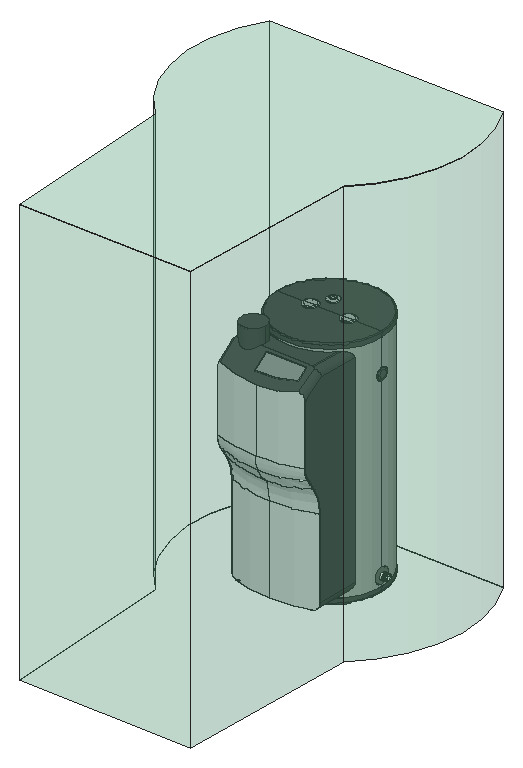
Revit family "Innovo GB_IR 24 285 GB LP", category Mechanical Equipment, Revit 2015
Parameters (values of type "IR-24-285 GB LP")
  Workspace Radius = Diameter + 170 mm  # 730 mm
  Workspace Height = Height + 1000 mm  # 2270 mm
  Workspace Front Distance = 1000 mm
  Working only during off-peak hour = no
  Width = Diameter  # 560 mm
  Workspace [instance] = yes
  Water heating energy efficiency class (2) = "-"
  Water heating energy efficiency class (1) = "A"  # constant formula
  Water heating energy efficiency (2) = "-"
  Water heating energy efficiency (1) = "92%"
  Warranty on tank = "36 months"  # constant formula
  Warranty on parts = "12 months"  # constant formula
  Voltage = 230 V  # constant formula
  Valve Height 02 = if(and(Height = 1745 mm, Diameter = 675 mm), 1518 mm, if(and(Height = 1745 mm, Diameter = 610 mm), 1534 mm, if(Height = 1545 mm, 1328 mm, 1070 mm)))  # 1070 mm
  Valve Height 01 = if(and(Diameter > 560 mm), 693 mm, 604 mm)  # 604 mm
  URL = "www.aosmith.co.uk"
  Type of Packaging = "Carton and Wood"  # constant formula
  Transport Weight = 114 kg
  Trade mark = "A.O. Smith"  # constant formula
  Thermostat temperature setting = 65 °C  # constant formula
  T&P Connection Rp = 3/4"
  Storage Capacity = 160.0 L
  Standard Set For = "G20"
  Stand-by Loss - daily (24h) = 0 W
  Stand-by Loss = 0 W
  Smart control = no
  Serial Number = "8717449285937"
  Seasonal Energy Efficiency Rating = [Energy Efficiency Rating (Hs, acc NEN-EN 89-1999)]  # 96
  Recovery Rate @ ΔT = 70°C = 150.0 L/s
  Recovery Rate @ ΔT = 55°C = 190.0 L/s
  Recovery Rate @ ΔT = 50°C = 200.0 L/s
  Recovery Rate @ ΔT = 44°C = 230.0 L/s
  Recovery Rate @ ΔT = 28°C = 360.0 L/s
  Product Instruction Link = ""
  Product Documentation Link = ""
  Precaustions during assembling, installation or maintenance = "see User, Installation, Service and Maintenance Manual"  # constant formula
  Power Consumption (peak) = 85 W
  Power Consumption (nominal) = 25 W
  Phase = 1
  Packaging Width = 786 mm  # constant formula
  Packaging Length = 946 mm  # constant formula
  Packaging Height = 1465 mm
  Other load profile = "-"
  Operating Weight = 274 kg
  Nominal Output = "11700"
  Nominal Heat Input (Net) = "10900"
  Nominal Heat Input (Gross) = "12100"
  Noice-level dB (A) = "<45"  # constant formula
  NOx Emissions mg/kWh = "22"
  NOx Emissions (air free, 0% O2) ppm = "14"
  Model identifier = "IR-12-160"
  Model = "IR-12-160 GB NAT"
  Min. Setpoint = 40 °C  # constant formula
  Max. Setpoint = 85 °C  # constant formula
  Max. Operating Pressure = 550000.0 Pa
  Max. Flue Gas Outlet Temperature = 42 °C
  Manufacturer Number = "E 7110"  # constant formula
  Manufacturer = "A.O. Smith Water Products Company b.v."  # constant formula
  Maintenance Interval = "12 months"  # constant formula
  Load profile = "XL"
  Length = 780 mm  # constant formula
  Insulation Thickness = 50 mm
  Installation Type = "B23/C13/C33/C43/C53/C63"  # constant formula
  Indoor sound power level = "41 dB"
  Hot / Warm Water Connection R = 3/4"
  Height Warm Water Outlet = 1270 mm
  Height Gas Connection = 860 mm
  Height Flue Outlet = 1295 mm
  Height Cold Water Inlet = 170 mm
  Height Air Inlet = 1295 mm
  Height = 1270 mm
  Heating Up Time @ ΔT = 70°C = "42"
  Heating Up Time @ ΔT = 55°C = "34"
  Heating Up Time @ ΔT = 50°C = "31"
  Heating Up Time @ ΔT = 44°C = "27"
  Heating Up Time @ ΔT = 28°C = "17"
  Gas Supply Pressure = 2000.0 Pa
  Gas Flow Rate - Volume ltr/hr = "1.20"
  Gas Flow Rate - Mass kg/h = "n.a."
  Gas Connection R = 15"  # constant formula
  Gas Category = "II2E3P"  # constant formula
  Frequency = 50 Hz  # constant formula
  Flue Diameter - water heater = "80/125 mm/mm"  # constant formula
  Flue Diameter - parallel system = "2x80"  # constant formula
  Flue Diameter - concentric system = "80/125 mm/mm"  # constant formula
  Energy Efficiency Rating (Hs, acc NEN-EN 89-1999) = 96
  Energy Efficiency Rating (Hi, acc NEN-EN 89-1999) = 107
  Empty Weight = 95 kg
  Draw-off Capacity @ ΔT = 70°C after 90 min. = 270.0 L
  Draw-off Capacity @ ΔT = 70°C after 60 min. = 200.0 L
  Draw-off Capacity @ ΔT = 70°C after 30 min. = 120.0 L
  Draw-off Capacity @ ΔT = 70°C after 120 min. = 340.0 L
  Draw-off Capacity @ ΔT = 55°C after 90 min. = 370.0 L
  Draw-off Capacity @ ΔT = 55°C after 60 min. = 270.0 L
  Draw-off Capacity @ ΔT = 55°C after 30 min. = 180.0 L
  Draw-off Capacity @ ΔT = 55°C after 120 min. = 460.0 L
  Draw-off Capacity @ ΔT = 50°C after 90 min. = 410.0 L
  Draw-off Capacity @ ΔT = 50°C after 60 min. = 310.0 L
  Draw-off Capacity @ ΔT = 50°C after 30 min. = 210.0 L
  Draw-off Capacity @ ΔT = 50°C after 120 min. = 510.0 L
  Draw-off Capacity @ ΔT = 44°C after 90 min. = 480.0 L
  Draw-off Capacity @ ΔT = 44°C after 60 min. = 360.0 L
  Draw-off Capacity @ ΔT = 44°C after 30 min. = 250.0 L
  Draw-off Capacity @ ΔT = 44°C after 120 min. = 590.0 L
  Draw-off Capacity @ ΔT = 28°C after 90 min. = 780.0 L
  Draw-off Capacity @ ΔT = 28°C after 60 min. = 600.0 L
  Draw-off Capacity @ ΔT = 28°C after 30 min. = 420.0 L
  Draw-off Capacity @ ΔT = 28°C after 120 min. = 60.0 L
  Drain Valve Connection Rp = 3/4"  # constant formula
  Diameter = 560 mm
  Destination / Country = "UK & Ireland"  # constant formula
  Description = "Condensing High Efficiency Storage Water Heater"  # constant formula
  Default Setpoint = 65 °C  # constant formula
  Created By = "http://www.cadcompany.nl/"
  Condens Discharge Connection = 40 mm  # constant formula
  Cold Water Connection R = 3/4"  # constant formula
  Co2 Emissions (tol. +/- 1.0) vol% = "9.3"
  CE-PIN = "0063CQ3037"  # constant formula
  BIM Content Developer = "CAD & Company"  # constant formula
  Assembly Code = "D3010"
  Annual fuel consumption (2) = "-"
  Annual fuel consumption (1) = "16 GJ GCV"
  Annual electricity consumption (2) = "-"
  Annual electricity consumption (1) = "38 kWh"
  APS Pressure < = 115.0 Pa
  2nd Maintenance (general maintenance) = "12 months after installation"  # constant formula
  1e Maintenance (check-up) = "3 months after installation"  # constant formula
Reference planes
  plane 1 "Center (Front/Back)": y = 0
  plane 2: z = 0
  plane 3 "Center (Left/Right)": x = 0
  plane 4 "Pipe": through (-383.901, 912.349, 194.799) normal (-0.0879, -0.0879, 0.9923)
  plane 5 "footing": y = 118.925
  plane 6 "footing front": y = -237.85
  plane 7: x = -280
  plane 8: x = 280
  plane 9: z = 1270
Forms (mm)
  Revolve 1, solid, material "RAL 9005", detail levels medium+fine
    sketch origin (0, -237.85, 0) x (-1, 0, 0) y (0, 0, 1)
      loop
        line (0, 28.9) -> (-15, 28.9) -> (-15, 26.4) -> (-8.671, 26.4) -> (-8.671, 18) -> (-5.686, 18) -> (-6.626, 17.06) -> (-6.626, 12.06) -> (-8.671, 12.06) -> (-8.671, 10) -> (-10.031, 10) -> (-23.271, 5.181)
        arc (-23.271, 5.181) -> (-23.763, 4.836) -> (-24.017, 4.293) r 1.159
        line (-24.017, 4.293) -> (-24.017, 1.03)
        arc (-24.017, 1.03) -> (-23.715, 0.302) -> (-22.986, 0) r 1.03
        line (-22.986, 0) -> (0, 0) -> (0, 28.9)
      axis (0, 28.9) -> (0, 0)
    angle from 0 to 360
  Revolve 2, solid, material "RAL 9005", detail levels medium+fine
    sketch origin (0, 118.925, 0) x (-1, 0, 0) y (0, 0, 1)
      loop
        line (-180.984, 28.9) -> (-195.984, 28.9) -> (-195.984, 26.4) -> (-189.655, 26.4) -> (-189.655, 18) -> (-186.67, 18) -> (-187.61, 17.06) -> (-187.61, 12.06) -> (-189.655, 12.06) -> (-189.655, 10) -> (-191.015, 10) -> (-204.256, 5.181)
        arc (-204.256, 5.181) -> (-204.747, 4.836) -> (-205.001, 4.293) r 1.159
        line (-205.001, 4.293) -> (-205.001, 1.03)
        arc (-205.001, 1.03) -> (-204.699, 0.302) -> (-203.971, 0) r 1.03
        line (-203.971, 0) -> (-180.984, 0) -> (-180.984, 28.9)
      axis (-180.984, 28.9) -> (-180.984, 0)
    angle from 0 to 360
  Revolve 3, solid, material "RAL 9005", detail levels medium+fine
    sketch origin (0, 118.925, 0) x (-1, 0, 0) y (0, 0, 1)
      loop
        line (179.016, 28.9) -> (164.016, 28.9) -> (164.016, 26.4) -> (170.345, 26.4) -> (170.345, 18) -> (173.33, 18) -> (172.39, 17.06) -> (172.39, 12.06) -> (170.345, 12.06) -> (170.345, 10) -> (168.985, 10) -> (155.744, 5.181)
        arc (155.744, 5.181) -> (155.253, 4.836) -> (154.999, 4.293) r 1.159
        line (154.999, 4.293) -> (154.999, 1.03)
        arc (154.999, 1.03) -> (155.301, 0.302) -> (156.029, 0) r 1.03
        line (156.029, 0) -> (179.016, 0) -> (179.016, 28.9)
      axis (179.016, 28.9) -> (179.016, 0)
    angle from 0 to 360
Lines and regions (mm)
  symbolic lines
    curve 1: line (0, 280.06, 0) -> (0, -280.06, 0)
    curve 2: line (-255.06, 0, 0) -> (255.06, 0, 0)
  symbolic lines, style "Workspace"
    curve 3: line (623.261, 380.06, 0) -> (-623.261, 380.06, 0)
    curve 4: arc (-623.261, 380.06, 0) -> (-723.227, -99.209, 0) -> (-497.893, -533.856, 0) r 730
    curve 5: line (-497.893, -533.856, 0) -> (-454.283, -1492.825, 0)
    curve 6: line (-454.283, -1492.825, 0) -> (456.53, -1492.825, 0)
    curve 7: line (456.53, -1492.825, 0) -> (500.201, -531.695, 0)
    curve 8: arc (500.201, -531.695, 0) -> (723.44, -97.643, 0) -> (623.261, 380.06, 0) r 730
Dimensions and locks
  plane 5 "footing" to plane 1 "Center (Front/Back)" = 118.925 mm
  plane 1 "Center (Front/Back)" to plane 6 "footing front" = 237.85 mm
  "Diameter": plane 7 to plane 8
  equal spacing: plane 7, plane 3 "Center (Left/Right)", plane 8
  "Height": plane 9 to plane 2
  "Workspace Front Distance": curve 6 to nested 3
  "Workspace Radius": radius of curve 4
  "Workspace Radius": radius of curve 8
  aligned and locked: level to plane 2
  aligned and locked: nested 3 to Revolve 1 sketch curve
  aligned and locked: plane 3 "Center (Left/Right)" to Revolve 1 sketch curve
  aligned and locked: nested 3 to plane 1 "Center (Front/Back)"
  aligned and locked: plane 3 "Center (Left/Right)" to nested 3
  aligned and locked: nested 1 to plane 8
  aligned and locked: nested 5 to plane 8
  aligned and locked: nested 2 to plane 7
  aligned and locked: nested 4 to plane 7
  aligned and locked: nested 7 to plane 7
  aligned and locked: nested 8 to plane 3 "Center (Left/Right)"
  aligned and locked: plane 1 "Center (Front/Back)" to nested 8
  aligned and locked: nested 8 to nested 3
  aligned and locked: curve 5 to nested 8
  aligned and locked: curve 7 to nested 8
  aligned and locked: curve 3 to nested 8
Automatic sketch dimensions
  Revolve 1 sketch curve to level = 0 mm
  plane 3 "Center (Left/Right)" to Revolve 1 sketch curve = 5.686 mm
  Revolve 1 sketch curve to Revolve 1 sketch curve = 0.94 mm  (x2)
  Revolve 1 sketch curve to Revolve 1 sketch curve = 2.046 mm  (x2)
  Revolve 1 sketch curve to Revolve 1 sketch curve = 1.359 mm
  Revolve 1 sketch curve to Revolve 1 sketch curve = 6.329 mm
  level to Revolve 1 sketch curve = 4.091 mm
  Revolve 1 sketch curve to Revolve 1 sketch curve = 12.844 mm
  level to Revolve 1 sketch curve = 1.03 mm
  Revolve 1 sketch curve to Revolve 1 sketch curve = 0.111 mm
  level to Revolve 1 sketch curve = 5.181 mm
  Revolve 1 sketch curve to Revolve 1 sketch curve = 0.745 mm
  level to Revolve 1 sketch curve = 10 mm
  Revolve 1 sketch curve to Revolve 1 sketch curve = 2.06 mm
  Revolve 1 sketch curve to Revolve 1 sketch curve = 5 mm
  Revolve 1 sketch curve to Revolve 1 sketch curve = 8.4 mm
  Revolve 1 sketch curve to Revolve 1 sketch curve = 2.5 mm
  Revolve 1 sketch curve to level = 19.635 mm
  Revolve 1 sketch curve to Revolve 1 sketch curve = 46.465 mm
  Revolve 2 sketch curve to level = 0 mm
  level to Revolve 2 sketch curve = 1.03 mm
  Revolve 2 sketch curve to plane 8 = 74.999 mm
  level to Revolve 2 sketch curve = 5.181 mm
  Revolve 2 sketch curve to Revolve 2 sketch curve = 0.745 mm
  Revolve 2 sketch curve to Revolve 2 sketch curve = 0.397 mm
  Revolve 2 sketch curve to Revolve 2 sketch curve = 8.271 mm
  Revolve 2 sketch curve to Revolve 2 sketch curve = 13.241 mm
  Revolve 2 sketch curve to Revolve 2 sketch curve = 1.359 mm
  Revolve 2 sketch curve to Revolve 2 sketch curve = 6.329 mm
  Revolve 2 sketch curve to Revolve 2 sketch curve = 2.046 mm
  level to Revolve 2 sketch curve = 18 mm
  Revolve 2 sketch curve to Revolve 2 sketch curve = 0.94 mm  (x2)
  Revolve 2 sketch curve to Revolve 2 sketch curve = 8.671 mm
  Revolve 2 sketch curve to Revolve 2 sketch curve = 1.089 mm
  Revolve 2 sketch curve to Revolve 2 sketch curve = 8 mm
  Revolve 2 sketch curve to Revolve 2 sketch curve = 2.06 mm
  Revolve 2 sketch curve to Revolve 2 sketch curve = 8.4 mm
  Revolve 2 sketch curve to Revolve 2 sketch curve = 2.5 mm
  Revolve 2 sketch curve to Revolve 2 sketch curve = 0 mm
  Revolve 2 sketch curve to level = 19.635 mm
  Revolve 2 sketch curve to Revolve 2 sketch curve = 46.465 mm
  Revolve 3 sketch curve to level = 0 mm
  level to Revolve 3 sketch curve = 1.03 mm
  Revolve 3 sketch curve to plane 7 = 125.001 mm
  level to Revolve 3 sketch curve = 5.181 mm
  Revolve 3 sketch curve to Revolve 3 sketch curve = 0.745 mm
  Revolve 3 sketch curve to Revolve 3 sketch curve = 0.397 mm
  Revolve 3 sketch curve to Revolve 3 sketch curve = 8.271 mm
  Revolve 3 sketch curve to Revolve 3 sketch curve = 13.241 mm
  Revolve 3 sketch curve to Revolve 3 sketch curve = 1.359 mm
  Revolve 3 sketch curve to Revolve 3 sketch curve = 6.329 mm
  Revolve 3 sketch curve to Revolve 3 sketch curve = 2.046 mm
  level to Revolve 3 sketch curve = 18 mm
  Revolve 3 sketch curve to Revolve 3 sketch curve = 0.94 mm  (x2)
  Revolve 3 sketch curve to Revolve 3 sketch curve = 8.671 mm
  Revolve 3 sketch curve to Revolve 3 sketch curve = 1.089 mm
  Revolve 3 sketch curve to Revolve 3 sketch curve = 8 mm
  Revolve 3 sketch curve to Revolve 3 sketch curve = 2.06 mm
  Revolve 3 sketch curve to Revolve 3 sketch curve = 8.4 mm
  Revolve 3 sketch curve to Revolve 3 sketch curve = 2.5 mm
  Revolve 3 sketch curve to Revolve 3 sketch curve = 0 mm
  Revolve 3 sketch curve to level = 19.635 mm
  Revolve 3 sketch curve to Revolve 3 sketch curve = 46.465 mm
  curve 4 to curve 8 = 0 mm  (x2)
  plane 1 "Center (Front/Back)" to curve 2 = 0 mm
  curve 1 to plane 3 "Center (Left/Right)" = 0 mm
  plane 1 "Center (Front/Back)" to curve 4 = 0 mm
  curve 4 to plane 3 "Center (Left/Right)" = 0 mm
  curve 2 to plane 7 = 24.94 mm
  curve 2 to plane 8 = 24.94 mm
  curve 1 to plane 6 "footing front" = 42.21 mm
  plane 5 "footing" to curve 1 = 161.135 mm
Nested families
  nested 1: "Valve" at (280, -0.38, 1070) x (0, 1, 0) z (0, 0, 1), built-in parameter 1001364 <- "Valve Height 02", type "Valve"
  nested 2: "Drain Valve" at (-280, 0, 1070), built-in parameter 1001364 <- "Valve Height 02", type "Drain Valve"
  nested 3: "Housing Mother Housing S 57 (external)" at (0, -274.886, 0), type "Housing Mother_Housing S_57"
  nested 4: "Drain Valve" at (-280, 0, 177), type "Drain Valve"
  nested 5: "Drain Valve" at (280, 0, 107) x (-1, 0, 0) z (0, 0, 1), type "Drain Valve"
  nested 6: "Boiler" at (0, 0, 0), height <- "Height", type "Boiler"
    with height 1270 mm
  nested 7: "Drain Valve" at (-280, 0, 604), built-in parameter 1001364 <- "Valve Height 01", type "Drain Valve"
  nested 8: "Innovo_workspace" at (0, 0, 0), Workspace <- "Workspace", Workspace Distance Front <- "Workspace Front Distance", Workspace Height <- "Workspace Height", Workspace Radius <- "Workspace Radius", type "Workspace"
    with Workspace Radius 730 mm, Workspace Height 2270 mm, Workspace Distance Front 1000 mm, Workspace yes, Center to Front 492.825 mm
Connectors
  piping at (314.826, 0, 107), diameter 19.05, driven by "Drain Valve Connection Rp"
    settings: on nested 5, index 1, connector inside diameter 24", connector length 0 mm, flow factor 0, pipe flow 0.0 L/s, pressure drop 0.0 Pa, fitting loss kfactor 0, connector angle 0.00°, fixture units 0, engagement length 0 mm, angle of deflection 0.00°, flow configuration 0, flow direction 0, fitting loss method 0, system type 19, joint type 0, gender type 0, connector reference index -1, connector utility 0, adjustable connector no, is connector primary yes, connector description ""
  hvac at (-147.013, -321.326, 1310.674)
    settings: on nested 3, index 2, duct flow 0.0 L/s, flow factor 0, pres drop 0.0 Pa, loss coef 0, conn angle 0.00°, conn width 304.8 mm, conn height 304.8 mm, conn diameter 125 mm, duct sys type 4, conn prof type 0, flow config 0, flow direction 0, loss method 0, conn ref index -1, conn util no, is conn primary yes, conn desc ""
Definition of nested family "Valve"
  Parameters (values of type "Valve")
    Type Comments = "T&P valve (internal)"
    Manufacturer = "A.O. Smith"
  Reference planes
    plane 1 "Center (Front/Back)": y = 0
    plane 2: z = 0
    plane 3 "Center (Left/Right)": x = 0
  Forms (mm)
    Extrusion 1, solid, detail levels fine
      sketch origin (0, 0, 0) x (1, 0, 0) y (0, 0, 1)
        loop
          circle (0, 0) r 31.5
      from -2.271 to 1.4
    Sweep 2, solid, detail levels fine
      path origin (0, -1.4, 0) x (1, 0, 0) y (0, 0, 1)
        loop
          circle (0, 0) r 31.5
      profile origin (0, -1.4, 31.5) x (0, 0, -1) y (0, -1, 0)
        loop
          line (7.3, 0) -> (7.3, 3) -> (0, 0) -> (7.3, 0)
  Dimensions and locks
    aligned and locked: level to plane 2
Definition of nested family "Drain Valve"
  Reference planes
    plane 1 "Center (Front/Back)": y = 0
    plane 2: z = 0
    plane 3 "Center (Left/Right)": x = 0
  Forms (mm)
    Revolve 1, solid, detail levels medium+fine
      sketch origin (0, 0, 0) x (1, 0, 0) y (0, 0, 1)
        loop
          line (-33.442, 15.696) -> (-34.826, 14.329) -> (-34.93, 12.731) -> (-16.555, 12.731) -> (-16.555, 0) -> (15.787, 0) -> (15.787, 18.3) -> (-14.4, 18.3) -> (-17.148, 15.533) -> (-18.729, 16.697) -> (-20.091, 15.333) -> (-21.672, 16.496) -> (-23.034, 15.133) -> (-24.614, 16.296) -> (-25.976, 14.932) -> (-27.557, 16.096) -> (-28.919, 14.732) -> (-30.5, 15.896) -> (-31.862, 14.532) -> (-33.442, 15.696)
        axis (-34.93, 0) -> (15.787, 0)
      angle from 0 to 360
  Dimensions and locks
    aligned and locked: level to plane 2
  Nested families
    nested 1: "Rubber sealing" at (2.592, -0.155, 0) x (0.0023, -1, 0) z (0, 0, 1), type "Rubber sealing", detail levels fine
  Definition of nested family "Rubber sealing"
    Reference planes
      plane 1 "Center (Front/Back)": y = 0
      plane 2: z = 0
      plane 3 "Center (Left/Right)": x = 0
    Forms (mm)
      Extrusion 1, solid, detail levels fine
        sketch origin (141.861, 319.581, 0) x (1, 0, 0) y (0, 1, 0)
          loop
            line (-216.354, -311.898) -> (-216.354, -313.94)
            arc (-216.354, -313.94) -> (-141.602, -321.581) -> (-66.861, -313.835) r 366.966
            line (-66.861, -313.835) -> (-66.861, -311.791)
            arc (-66.861, -311.791) -> (-141.602, -319.581) -> (-216.354, -311.898) r 364.966
        from -80 to 80
      Extrusion 2, void
        sketch origin (141.861, 319.581, 0) x (1, 0, 0) y (0, 0, 1)
          loop
            circle (-141.861, 0) r 13
          loop
            circle (-141.861, 0) r 110
          loop
            circle (-141.861, 0) r 40
        from 311.563 to 332.684
      Extrusion 3, void
        sketch origin (141.861, 319.581, 0) x (1, 0, 0) y (0, 0, 1)
          loop
            circle (-141.861, 0) r 18.25
        from 315.524 to 326.084
    Cuts and joins
      Extrusion 2, Extrusion 3 cuts Extrusion 1
    Dimensions and locks
      aligned and locked: level to plane 2
Definition of nested family "Housing Mother Housing S 57 (external)"
  Parameters (values of type "Housing Mother_Housing S_57")
    radius [instance] = 280 mm
    distance to boiler center = if(diameter = 675 mm, 189 mm, if(diameter = 610 mm, 154 mm, 129 mm))  # 129 mm
    diameter = 560 mm
  Reference planes
    plane 1 "Center (Front/Back)": y = 0
    plane 2: z = 0
    plane 3 "Center (Left/Right)": x = 0
    plane 4 "left": through (-245.286, 145.886, 1200) normal (0.9994, 0.0349, 0)
    plane 5: y = -217.939
    plane 6: y = 145.886
    plane 7: z = 1232.6
    plane 8: z = 65.89
    plane 9 "right": through (245.286, 145.886, 1200) normal (0.9994, -0.0349, 0)
    plane 10 "display": through (0, -90.37, 1221.196) normal (0, -0.5736, 0.8192)
    plane 11 "Potentiostat": z = 867.899
    plane 12 "boiler center": y = 274.886
    plane 13: x = -280
    plane 14: x = 280
  Forms (mm)
    Extrusion 1, solid
      sketch origin (0, 0, 0) x (1, 0, 0) y (0, 1, 0)
        loop
          line (-245.286, 145.886) -> (-232.581, -217.939) -> (232.581, -217.939) -> (245.286, 145.886)
          arc (245.286, 145.886) -> (0, 0.923) -> (-245.286, 145.886) r 280
      from 0 to 1232.6
    Sweep 2, void
      path origin (0, 0, 0) x (0, 1, 0) y (0, 0, 1)
        loop
          line (-217.939, 1232.6) -> (-217.939, 795.555)
          arc (-217.939, 795.555) -> (-212.387, 754.285) -> (-197.694, 715.322) r 183.924
          arc (-197.694, 715.322) -> (-179.915, 684.628) -> (-159.106, 655.901) r 348.284
          arc (-159.106, 655.901) -> (-131.411, 600.328) -> (-121.88, 538.973) r 202.254
          line (-121.88, 538.973) -> (-121.88, 61.106)
      profile origin (0, -217.939, 1014.077) x (1, 0, 0) y (0, 1, 0)
        loop
          arc (0, 0) -> (-117.533, 9.941) -> (-231.728, 39.475) r 699.984
          arc (-231.728, 39.475) -> (-233.391, 40.705) -> (-234.07, 42.659) r 3.505
          line (-234.07, 42.659) -> (-254.062, 42.659) -> (-254.062, -142.593) -> (254.07, -142.593) -> (254.07, 42.659) -> (234.07, 42.659)
          arc (234.07, 42.659) -> (233.391, 40.705) -> (231.728, 39.475) r 3.505
          arc (231.728, 39.475) -> (117.533, 9.941) -> (0, 0) r 699.984
    Extrusion 3, void
      sketch origin (0, 0, 0) x (0, 1, 0) y (0, 0, 1)
        loop
          arc (102.864, 70.869) -> (99.804, 70.709) -> (96.874, 69.813) r 12.57
          arc (96.874, 69.813) -> (87.878, 66.533) -> (78.516, 64.529) r 69.114
          arc (78.516, 64.529) -> (76.41, 64.284) -> (74.294, 64.148) r 41.206
          arc (74.294, 64.148) -> (65.203, 64.335) -> (56.122, 64.782) r 318.661
          arc (56.122, 64.782) -> (30.585, 66.179) -> (5.028, 67.128) r 1456.581
          line (5.028, 67.128) -> (-84.534, 73.135)
          arc (-84.534, 73.135) -> (-86.363, 73.808) -> (-87.536, 75.365) r 3.455
          line (-87.536, 75.365) -> (-264.473, 75.365) -> (-264.473, 0) -> (160.886, 0) -> (160.886, 103.945) -> (145.886, 103.945)
          arc (145.886, 103.945) -> (145.104, 97.827) -> (142.923, 92.059) r 26.364
          arc (142.923, 92.059) -> (141.067, 88.936) -> (138.867, 86.045) r 31.715
          arc (138.867, 86.045) -> (135.576, 82.49) -> (132.021, 79.2) r 62.615
          arc (132.021, 79.2) -> (125.841, 74.697) -> (119.091, 71.103) r 54.444
          arc (119.091, 71.103) -> (116.371, 70.272) -> (113.531, 70.123) r 11.669
          line (113.531, 70.123) -> (102.864, 70.869)
      from -254.062 to 254.07
    Sweep 4, void
      path origin (0, 0, 0) x (1, 0, 0) y (0, 1, 0)
        loop
          line (-245.286, 145.886) -> (-232.581, -217.939)
      profile origin (-238.933, -36.027, 0) x (0.999391, 0.034899, 0) y (0, 0, 1)
        loop
          line (-4.454, 0) -> (47.084, 0) -> (47.084, 73.431)
          arc (47.084, 73.431) -> (14.222, 85.134) -> (0.255, 117.1) r 43.922
          line (0.255, 117.1) -> (-4.454, 117.1) -> (-4.454, 0)
    Sweep 5, void
      path origin (0, 0, 0) x (-1, 0, 0) y (0, 1, 0)
        loop
          line (-245.286, 145.886) -> (-232.581, -217.939)
      profile origin (238.933, -36.027, 0) x (0.999391, -0.034899, 0) y (0, 0, 1)
        loop
          line (4.454, 0) -> (4.454, 117.1) -> (-0.255, 117.1)
          arc (-0.255, 117.1) -> (-14.222, 85.134) -> (-47.084, 73.431) r 43.922
          line (-47.084, 73.431) -> (-47.084, 0) -> (4.454, 0)
    Sweep 6, void
      path origin (-239.899, -8.377, 0) x (-0.034899, 0.999391, 0) y (0, 0, 1)
        loop
          line (-209.69, 1141.272) -> (-79.18, 1232.6) -> (154.358, 1232.6)
      profile origin (-241.211, 29.188, 1232.6) x (0, 0, 1) y (0.999391, 0.034899, 0)
        loop
          line (-45, -30) -> (75, -30) -> (75, 0) -> (75, 55) -> (2.799, 55) -> (-1.253, 35.128)
          arc (-1.253, 35.128) -> (-16.771, 9.564) -> (-45, -0.308) r 44.287
          line (-45, -0.308) -> (-45, -30)
    Sweep 7, void
      path origin (239.899, -8.377, 0) x (0.034899, 0.999391, 0) y (0, 0, 1)
        loop
          line (-209.69, 1141.272) -> (-79.18, 1232.6) -> (154.358, 1232.6)
      profile origin (241.211, 29.188, 1232.6) x (0, 0, -1) y (-0.999391, 0.034899, 0)
        loop
          line (-75, -25) -> (45, -25) -> (45, -0.308)
          arc (45, -0.308) -> (16.771, 9.564) -> (1.253, 35.128) r 44.287
          line (1.253, 35.128) -> (-2.799, 55) -> (-75, 55) -> (-75, -25)
    Extrusion 8, void
      sketch origin (0, 0, 0) x (0, 1, 0) y (0, 0, 1)
        loop
          line (-270, 1336.099) -> (-270, 1099.081) -> (68.497, 1336.099) -> (-270, 1336.099)
      from -425.038 to 444.42
    Extrusion 9, solid, detail levels medium+fine
      sketch origin (0, 0, 0) x (1, 0, 0) y (0, 1, 0)
        loop
          circle (-147.013, -46.44) r 65
      from 1163.174 to 1310.674
    Extrusion 10, void
      sketch origin (0, -603.506, 861.895) x (0, 0.819152, 0.573576) y (-1, 0, 0)
        loop
          arc (618.322, -173) -> (623.272, -170.95) -> (625.322, -166) r 7
          line (625.322, -166) -> (625.322, 35)
          arc (625.322, 35) -> (623.272, 39.95) -> (618.322, 42) r 7
          line (618.322, 42) -> (535.473, 42)
          arc (535.473, 42) -> (530.688, 40.11) -> (528.488, 35.46) r 7
          arc (528.488, 35.46) -> (531.569, -67.592) -> (554.18, -168.18) r 540
          arc (554.18, -168.18) -> (556.724, -171.668) -> (560.831, -173) r 7
          line (560.831, -173) -> (618.322, -173)
      from 0 to 137.286
    Sweep 11, solid, detail levels fine
      path origin (0, 0, 867.899) x (-1, 0, 0) y (0, -1, 0)
        loop
          line (309.749, -35.617) -> (204.371, -35.617)
          arc (204.371, -35.617) -> (196.509, -34.687) -> (189.082, -31.947) r 33.677
          line (189.082, -31.947) -> (-9.574, 69.274)
      profile origin (-257.06, 35.617, 867.899) x (0, 1, 0) y (0, 0, 1)
        loop
          circle (0, 0) r 7.316
        loop
          circle (0, 0) r 6.465
    Revolve 12, void
      sketch origin (0, 274.886, 0) x (-1, 0, 0) y (0, 0, 1)
        loop
          line (280, 1243.838) -> (0, 1243.838) -> (0, 54.9) -> (280, 54.9) -> (280, 1243.838)
        axis (0, 1243.838) -> (0, 54.9)
      angle from 0 to 360
  Cuts and joins
    Sweep 2, Extrusion 3, Sweep 4, Sweep 5, Sweep 6, Sweep 7, Extrusion 8, Extrusion 10, Revolve 12 cuts Extrusion 1
  Dimensions and locks
    plane 8 to plane 2 = 65.89 mm
    plane 7 to plane 8 = 1166.71 mm
    "distance to boiler center": plane 12 "boiler center" to plane 6
    "diameter": plane 14 to plane 13
    equal spacing: plane 14, plane 3 "Center (Left/Right)", plane 13
    "radius": plane 3 "Center (Left/Right)" to plane 13
    aligned and locked: level to plane 2
    aligned and locked: Extrusion 1 to plane 7
    aligned and locked: Extrusion 1 sketch curve to plane 5
    aligned and locked: Sweep 2 to Extrusion 3
    aligned and locked: Extrusion 3 to Sweep 2  (x2)
    aligned and locked: plane 7 to Sweep 2 sketch curve
    aligned and locked: plane 3 "Center (Left/Right)" to Revolve 12 sketch curve
    aligned and locked: Revolve 12 sketch curve to plane 3 "Center (Left/Right)"
    aligned and locked: plane 13 to Revolve 12 sketch curve
  Automatic sketch dimensions
    Extrusion 1 sketch curve to plane 4 "left" = 0 mm  (x2)
    Extrusion 1 sketch curve to plane 6 = 0 mm  (x2)
    Extrusion 1 sketch curve to plane 3 "Center (Left/Right)" = 0 mm
    Extrusion 1 sketch curve to plane 9 "right" = 0 mm
    plane 6 to Extrusion 1 sketch curve = 135.037 mm
    Sweep 2 sketch curve to plane 5 = 0 mm
    plane 5 to Sweep 2 sketch curve = 106.195 mm
    Sweep 2 sketch curve to plane 5 = 96.059 mm
    plane 1 "Center (Front/Back)" to Sweep 2 sketch curve = 34.053 mm
    plane 11 "Potentiostat" to Sweep 2 sketch curve = 6.417 mm
    Sweep 2 sketch curve to plane 6 = 33.705 mm
    Sweep 2 sketch curve to plane 11 "Potentiostat" = 68.615 mm
    Sweep 2 sketch curve to plane 11 "Potentiostat" = 72.345 mm
    Sweep 2 sketch curve to Sweep 2 sketch curve = 176.349 mm
    Sweep 2 sketch curve to Sweep 2 sketch curve = 0 mm  (x2)
    plane 8 to Sweep 2 sketch curve = 4.784 mm
    Extrusion 3 sketch curve to level = 0 mm
    Extrusion 3 sketch curve to plane 6 = 0 mm
    Extrusion 3 sketch curve to plane 6 = 26.363 mm
    Extrusion 3 sketch curve to Extrusion 3 sketch curve = 4.75 mm
    Extrusion 3 sketch curve to Extrusion 3 sketch curve = 5.179 mm
    Extrusion 3 sketch curve to plane 8 = 4.232 mm
    Extrusion 3 sketch curve to Extrusion 3 sketch curve = 0.814 mm
    Extrusion 3 sketch curve to plane 8 = 4.978 mm
    Extrusion 3 sketch curve to Extrusion 3 sketch curve = 10.667 mm
    Extrusion 3 sketch curve to Extrusion 3 sketch curve = 0.877 mm
    Extrusion 3 sketch curve to Extrusion 3 sketch curve = 17.827 mm
    Extrusion 3 sketch curve to Extrusion 3 sketch curve = 5.646 mm
    Extrusion 3 sketch curve to plane 6 = 69.562 mm
    Extrusion 3 sketch curve to Extrusion 3 sketch curve = 18.6 mm
    Extrusion 3 sketch curve to Extrusion 3 sketch curve = 22.538 mm
    Extrusion 3 sketch curve to plane 8 = 1.238 mm
    Extrusion 3 sketch curve to plane 1 "Center (Front/Back)" = 5.028 mm
    plane 1 "Center (Front/Back)" to Extrusion 3 sketch curve = 36.224 mm
    Extrusion 3 sketch curve to plane 8 = 10.692 mm
    plane 1 "Center (Front/Back)" to Extrusion 3 sketch curve = 84.302 mm
    Extrusion 3 sketch curve to plane 8 = 7.244 mm
    Extrusion 3 sketch curve to Extrusion 3 sketch curve = 0.231 mm
    Extrusion 3 sketch curve to Extrusion 3 sketch curve = 3.234 mm
    plane 5 to Extrusion 3 sketch curve = 46.534 mm
    plane 6 to Extrusion 3 sketch curve = 15 mm
    Extrusion 3 sketch curve to level = 1388.869 mm
    plane 8 to Extrusion 3 sketch curve = 7.561 mm
    Extrusion 3 sketch curve to Extrusion 3 sketch curve = 11.64 mm
    Extrusion 3 sketch curve to plane 8 = 38.054 mm
    Extrusion 3 sketch curve to Extrusion 3 sketch curve = 22.442 mm
    Extrusion 3 sketch curve to plane 8 = 39.432 mm
    Extrusion 3 sketch curve to Extrusion 3 sketch curve = 2.466 mm
    Extrusion 3 sketch curve to Extrusion 3 sketch curve = 14.17 mm
    Extrusion 3 sketch curve to Extrusion 3 sketch curve = 5.925 mm
    Extrusion 3 sketch curve to Extrusion 3 sketch curve = 6.186 mm
    Extrusion 3 sketch curve to Extrusion 3 sketch curve = 249.85 mm
    Extrusion 3 sketch curve to Extrusion 3 sketch curve = 0 mm  (x4)
    Extrusion 3 sketch curve to Extrusion 3 sketch curve = 6.845 mm
    plane 8 to Extrusion 3 sketch curve = 1.743 mm
    Sweep 4 sketch curve to plane 4 "left" = 0 mm  (x2)
    Sweep 4 sketch curve to plane 6 = 0 mm
    plane 5 to Sweep 4 sketch curve = 0 mm
    Sweep 4 sketch curve to level = 0 mm
    profile plane to Sweep 4 sketch curve = 4.454 mm
    Sweep 4 sketch curve to profile plane = 0.255 mm
    Sweep 4 sketch curve to Sweep 4 sketch curve = 43.922 mm
    Sweep 4 sketch curve to profile plane = 47.084 mm
    level to Sweep 4 sketch curve = 73.431 mm
    Sweep 4 sketch curve to Sweep 4 sketch curve = 43.669 mm
    Sweep 5 sketch curve to plane 6 = 0 mm
    Sweep 5 sketch curve to plane 9 "right" = 0 mm  (x2)
    plane 5 to Sweep 5 sketch curve = 0 mm
    Sweep 5 sketch curve to level = 0 mm
    profile plane to Sweep 5 sketch curve = 47.084 mm
    Sweep 5 sketch curve to Sweep 5 sketch curve = 2.907 mm
    profile plane to Sweep 5 sketch curve = 0.255 mm
    Sweep 5 sketch curve to profile plane = 4.454 mm
    level to Sweep 5 sketch curve = 73.431 mm
    Sweep 5 sketch curve to Sweep 5 sketch curve = 43.669 mm
    Sweep 6 sketch curve to plane 7 = 0 mm
    plane 7 to Sweep 6 sketch curve = 91.328 mm
    Sweep 6 sketch curve to Sweep 6 sketch curve = 130.509 mm
    Sweep 6 sketch curve to Sweep 6 sketch curve = 233.538 mm
    Sweep 6 sketch curve to plane 4 "left" = 0 mm
    profile plane to Sweep 6 sketch curve = 45 mm
    Sweep 6 sketch curve to Sweep 6 sketch curve = 0.354 mm
    profile plane to Sweep 6 sketch curve = 1.253 mm
    Sweep 6 sketch curve to profile plane = 2.799 mm
    Sweep 6 sketch curve to Sweep 6 sketch curve = 72.201 mm
    Sweep 6 sketch curve to plane 4 "left" = 0.308 mm
    Sweep 6 sketch curve to Sweep 6 sketch curve = 29.692 mm
    plane 4 "left" to Sweep 6 sketch curve = 35.128 mm
    plane 4 "left" to Sweep 6 sketch curve = 55 mm
    Sweep 7 sketch curve to plane 7 = 0 mm
    Sweep 7 sketch curve to plane 7 = 91.328 mm
    Sweep 7 sketch curve to Sweep 7 sketch curve = 130.509 mm
    Sweep 7 sketch curve to Sweep 7 sketch curve = 233.538 mm
    Sweep 7 sketch curve to plane 9 "right" = 25 mm
    profile plane to Sweep 7 sketch curve = 75 mm
    profile plane to Sweep 7 sketch curve = 2.799 mm
    Sweep 7 sketch curve to profile plane = 1.253 mm
    Sweep 7 sketch curve to Sweep 7 sketch curve = 43.393 mm
    Sweep 7 sketch curve to profile plane = 45 mm
    Sweep 7 sketch curve to plane 9 "right" = 0.308 mm
    plane 9 "right" to Sweep 7 sketch curve = 35.128 mm
    Sweep 7 sketch curve to Sweep 7 sketch curve = 19.872 mm
    plane 5 to Extrusion 8 sketch curve = 52.061 mm
    Extrusion 8 sketch curve to plane 1 "Center (Front/Back)" = 68.497 mm
    plane 7 to Extrusion 8 sketch curve = 133.519 mm
    Extrusion 8 sketch curve to plane 7 = 103.499 mm
    plane 1 "Center (Front/Back)" to Extrusion 9 sketch curve = 46.44 mm
    Extrusion 9 sketch curve to plane 3 "Center (Left/Right)" = 147.013 mm
    Extrusion 10 sketch curve to plane 3 "Center (Left/Right)" = 0 mm
    Extrusion 10 sketch curve to plane 3 "Center (Left/Right)" = 35 mm
    Extrusion 10 sketch curve to Extrusion 10 sketch curve = 25.359 mm
    Extrusion 10 sketch curve to Extrusion 10 sketch curve = 57.491 mm
    Extrusion 10 sketch curve to plane 3 "Center (Left/Right)" = 42 mm
    Extrusion 10 sketch curve to Extrusion 10 sketch curve = 82.85 mm
    Extrusion 10 sketch curve to Extrusion 10 sketch curve = 7 mm
    Extrusion 10 sketch curve to Extrusion 10 sketch curve = 442 mm
    plane 3 "Center (Left/Right)" to Extrusion 10 sketch curve = 166 mm
    Extrusion 10 sketch curve to Extrusion 10 sketch curve = 0 mm  (x2)
    Sweep 11 sketch curve to plane 1 "Center (Front/Back)" = 31.947 mm
    Sweep 11 sketch curve to plane 3 "Center (Left/Right)" = 189.082 mm
    Sweep 11 sketch curve to plane 1 "Center (Front/Back)" = 1.94 mm
    Sweep 11 sketch curve to Sweep 11 sketch curve = 15.289 mm
    plane 3 "Center (Left/Right)" to Sweep 11 sketch curve = 9.574 mm
    Sweep 11 sketch curve to Sweep 11 sketch curve = 105.378 mm
    plane 1 "Center (Front/Back)" to Sweep 11 sketch curve = 69.274 mm
    Sweep 11 sketch curve to Sweep 11 sketch curve = 0 mm  (x2)
    Sweep 11 sketch curve to plane 11 "Potentiostat" = 0 mm
    Sweep 11 sketch curve to profile plane = 0 mm
    plane 8 to Revolve 12 sketch curve = 10.99 mm
    Revolve 12 sketch curve to plane 7 = 11.238 mm
    Revolve 12 sketch curve to level = 366.045 mm
    Revolve 12 sketch curve to Revolve 12 sketch curve = 971.917 mm
    Sweep 2 sketch curve to plane 3 "Center (Left/Right)" = 0 mm
    profile plane to Sweep 2 sketch curve = 0 mm
    Sweep 2 sketch curve to plane 3 "Center (Left/Right)" = 0.016 mm
    Sweep 2 sketch curve to profile plane = 42.782 mm  (x2)
    Sweep 2 sketch curve to plane 3 "Center (Left/Right)" = 230.568 mm
    plane 3 "Center (Left/Right)" to Sweep 2 sketch curve = 0.016 mm
    plane 3 "Center (Left/Right)" to Sweep 2 sketch curve = 230.568 mm
    Sweep 2 sketch curve to Sweep 2 sketch curve = 3.502 mm  (x2)
    Sweep 2 sketch curve to Sweep 2 sketch curve = 20 mm
    profile plane to Sweep 2 sketch curve = 142.593 mm
    Sweep 2 sketch curve to Sweep 2 sketch curve = 0.122 mm  (x2)
    Sweep 2 sketch curve to Sweep 2 sketch curve = 657.203 mm
    Sweep 2 sketch curve to Sweep 2 sketch curve = 19.991 mm
    radius of Extrusion 9 sketch curve = 65 mm
    radius of Sweep 11 sketch curve = 7.316 mm
    radius of Sweep 11 sketch curve = 6.465 mm
  Nested families
    nested 1: "display" at (65.5, -130.939, 1192.79) x (-1, 0, 0) z (0, -0.5736, 0.8192), type "display"
  Definition of nested family "display"
    Parameters (values of type "display")
      Default Elevation = 1219.2 mm
    Reference planes
      plane 1 "Center (Front/Back)": y = 0
      plane 2: z = 0
      plane 3 "Center (Left/Right)": x = 0
    Forms (mm)
      Extrusion 1, solid, detail levels medium+fine
        sketch origin (-16.958, 11.842, -343.878) x (1, 0, 0) y (0, 0, -1)
          loop
            line (-233.523, -343.878) -> (-233.523, -346.592) -> (332.686, -346.592) -> (332.686, -343.878) -> (-233.523, -343.878)
        from -228.7 to 150.822
      Extrusion 2, void
        sketch origin (-16.958, 6.842, -343.878) x (1, 0, 0) y (0, 1, 0)
          loop
            line (-233.523, 155.822) -> (-233.523, -223.7) -> (332.686, -223.7) -> (332.686, 155.822) -> (-233.523, 155.822)
          loop
            arc (-90.542, -48.267) -> (-88.492, -53.216) -> (-83.542, -55.267) r 7
            line (-83.542, -55.267) -> (117.458, -55.267)
            arc (117.458, -55.267) -> (122.408, -53.216) -> (124.458, -48.267) r 7
            line (124.458, -48.267) -> (124.458, 34.583)
            arc (124.458, 34.583) -> (122.568, 39.368) -> (117.918, 41.568) r 7
            arc (117.918, 41.568) -> (14.866, 38.487) -> (-85.722, 15.876) r 540
            arc (-85.722, 15.876) -> (-89.21, 13.332) -> (-90.542, 9.224) r 7
            line (-90.542, 9.224) -> (-90.542, -48.267)
        from 328.878 to 363.083
    Cuts and joins
      Extrusion 2 cuts Extrusion 1
    Dimensions and locks
      aligned and locked: level to plane 2
Definition of nested family "Boiler"
  Parameters (values of type "Boiler")
    radius [instance] = 280 mm
    height [instance] = 1270 mm
    Diameter = 560 mm
  Reference planes
    plane 1 "Center (Front/Back)": y = 0
    plane 2: z = 0
    plane 3 "Center (Left/Right)": x = 0
    plane 4: z = 1243.838
    plane 5: z = 1270
    plane 6 "bottom": z = 28.9
    plane 7: z = 54.9
    plane 8 "top controle": y = 88
    plane 9: x = -280
    plane 10: x = 280
  Forms (mm)
    Revolve 1, solid
      sketch origin (0, 0, 0) x (1, 0, 0) y (0, 0, 1)
        loop
          line (0, 54.9) -> (-280, 54.9) -> (-280, 32.9)
          arc (-280, 32.9) -> (-278.828, 30.072) -> (-276, 28.9) r 4
          line (-276, 28.9) -> (0, 28.9) -> (0, 54.9)
        axis (0, 28.9) -> (0, 54.9)
      angle from 0 to 360
    Revolve 2, solid
      sketch origin (1.311, 0, 0) x (1, 0, 0) y (0, 0, 1)
        loop
          line (-278.86, 1243.838) -> (-278.86, 54.9) -> (-1.311, 54.9) -> (-1.311, 1243.838) -> (-278.86, 1243.838)
        axis (-1.311, 1243.838) -> (-1.311, 54.9)
      angle from 0 to 360
    Revolve 3, solid
      sketch origin (-9.205, 0, 377.212) x (-1, 0, 0) y (0, 0, 1)
        loop
          line (-148.904, 892.788) -> (-110.805, 892.788) -> (-110.805, 895.963) -> (-141.883, 895.963) -> (-148.904, 893.62) -> (-148.904, 892.788)
        axis (-110.805, 892.788) -> (-110.805, 895.963)
      angle from 0 to 360
    Revolve 4, solid
      sketch origin (0, 0, 718.065) x (1, 0, 0) y (0, 0, -1)
        loop
          line (0, -525.773) -> (-280, -525.773) -> (-280, -547.935)
          arc (-280, -547.935) -> (-278.828, -550.763) -> (-276, -551.935) r 4
          line (-276, -551.935) -> (0, -551.935) -> (0, -525.773)
        axis (0, -551.935) -> (0, -525.773)
      angle from 0 to 360
    Revolve 5, solid
      sketch origin (0, 88, 0) x (1, 0, 0) y (0, 0, 1)
        loop
          line (-19.051, 1270) -> (-19.051, 1271.074) -> (-32.63, 1275.604) -> (-32.63, 1271.117) -> (-37.266, 1271.117) -> (-38.383, 1270) -> (-19.051, 1270)
        axis (-50.8, 1270) -> (-50.8, 1275.604)
      angle from 0 to 360
    Revolve 6, solid
      sketch origin (-217.12, 0, 372.245) x (-1, 0, 0) y (0, 0, 1)
        loop
          line (-153.622, 897.755) -> (-115.52, 897.755) -> (-115.52, 900.93) -> (-146.626, 900.93) -> (-153.622, 898.596) -> (-153.622, 897.755)
        axis (-115.52, 897.755) -> (-115.52, 900.93)
      angle from 0 to 360
  Dimensions and locks
    "height": plane 5 to plane 2
    plane 6 "bottom" to plane 2 = 28.9 mm
    locked: plane 5 to plane 4 at 26.162
    locked: plane 1 "Center (Front/Back)" to plane 8 "top controle" at 88
    "Diameter": plane 10 to plane 9
    equal spacing: plane 10, plane 3 "Center (Left/Right)", plane 9
    "radius": plane 3 "Center (Left/Right)" to plane 9
    locked: plane 9 to Revolve 2 sketch curve at 2.452
    aligned and locked: level to plane 2
    aligned and locked: Revolve 2 sketch curve to plane 7
    aligned and locked: Revolve 2 sketch curve to plane 4
    aligned and locked: Revolve 1 sketch curve to plane 7
    aligned and locked: plane 6 "bottom" to Revolve 1 sketch curve
    aligned and locked: Revolve 4 sketch curve to plane 3 "Center (Left/Right)"
    aligned and locked: plane 5 to Revolve 4 sketch curve
    aligned and locked: Revolve 4 sketch curve to plane 4
    aligned and locked: plane 9 to Revolve 4 sketch curve
    aligned and locked: Revolve 1 sketch curve to plane 9
    aligned and locked: Revolve 2 sketch curve to plane 3 "Center (Left/Right)"
    aligned and locked: plane 3 "Center (Left/Right)" to Revolve 2 sketch curve
  Automatic sketch dimensions
    Revolve 1 sketch curve to plane 3 "Center (Left/Right)" = 0 mm  (x2)
    Revolve 1 sketch curve to Revolve 1 sketch curve = 4 mm
    Revolve 1 sketch curve to level = 40 mm
    Revolve 1 sketch curve to Revolve 1 sketch curve = 305.1 mm
    Revolve 2 sketch curve to level = 366.045 mm
    Revolve 2 sketch curve to plane 5 = 945.755 mm
    Revolve 3 sketch curve to plane 5 = 0 mm
    Revolve 3 sketch curve to plane 3 "Center (Left/Right)" = 139.699 mm
    plane 5 to Revolve 3 sketch curve = 3.175 mm
    Revolve 3 sketch curve to Revolve 3 sketch curve = 7.022 mm
    Revolve 3 sketch curve to Revolve 3 sketch curve = 31.078 mm
    Revolve 3 sketch curve to Revolve 3 sketch curve = 0.832 mm
    Revolve 3 sketch curve to Revolve 3 sketch curve = 0 mm
    Revolve 3 sketch curve to Revolve 3 sketch curve = 2.338 mm
    Revolve 3 sketch curve to Revolve 3 sketch curve = 4.487 mm
    Revolve 4 sketch curve to plane 3 "Center (Left/Right)" = 0 mm
    Revolve 4 sketch curve to Revolve 4 sketch curve = 4 mm
    Revolve 4 sketch curve to Revolve 4 sketch curve = 68.738 mm
    Revolve 4 sketch curve to Revolve 4 sketch curve = 305.1 mm
    Revolve 6 sketch curve to plane 5 = 0 mm
    plane 3 "Center (Left/Right)" to Revolve 6 sketch curve = 63.497 mm
    plane 5 to Revolve 6 sketch curve = 3.175 mm
    Revolve 6 sketch curve to Revolve 6 sketch curve = 6.997 mm
    Revolve 6 sketch curve to Revolve 6 sketch curve = 31.106 mm
    Revolve 6 sketch curve to Revolve 6 sketch curve = 0.84 mm
    Revolve 6 sketch curve to Revolve 6 sketch curve = 0 mm
    Revolve 6 sketch curve to Revolve 6 sketch curve = 7.216 mm
    Revolve 6 sketch curve to Revolve 6 sketch curve = 0.391 mm
    Revolve 5 sketch curve to Revolve 5 sketch curve = 13.578 mm
    Revolve 5 sketch curve to Revolve 5 sketch curve = 1.074 mm
    Revolve 5 sketch curve to Revolve 5 sketch curve = 12.417 mm
    Revolve 5 sketch curve to Revolve 5 sketch curve = 5.753 mm
    Revolve 5 sketch curve to plane 5 = 1.117 mm
    Revolve 5 sketch curve to Revolve 5 sketch curve = 1.117 mm
    plane 5 to Revolve 5 sketch curve = 4.396 mm
    Revolve 5 sketch curve to plane 5 = 0 mm
    Revolve 5 sketch curve to Revolve 5 sketch curve = 4.487 mm
    Revolve 5 sketch curve to plane 3 "Center (Left/Right)" = 38.383 mm
    Revolve 5 sketch curve to plane 5 = 5.604 mm
Definition of nested family "Innovo_workspace"
  Parameters (values of type "Workspace")
    Workspace Radius [instance] = 730 mm
    Workspace Height [instance] = 2270 mm
    Workspace Distance Front [instance] = 1000 mm
    Workspace [instance] = yes
    URL = "www.aosmith.nl"
    Model = ""
    Manufacturer = "A.O. Smith Water Products Company b.v."  # constant formula
    Description = ""
    Created By = ""
    Center to Front [instance] = 492.825 mm
    BIM Content Developer = "CAD & Company"  # constant formula
    Assembly Code = ""
  Reference planes
    plane 1 "Center (Front/Back)": y = 0
    plane 2: z = 0
    plane 3 "Center (Left/Right)": x = 0
    plane 4 "Pipe": through (-383.901, 912.349, 194.799) normal (-0.0879, -0.0879, 0.9923)
    plane 5 "front": y = -492.825
  Forms (mm)
    Extrusion 1, solid, visible <- "Workspace"
      sketch origin (0, 0, 0) x (1, 0, 0) y (0, 1, 0)
        loop
          line (456.53, -1492.825) -> (500.201, -531.695)
          arc (500.201, -531.695) -> (723.44, -97.643) -> (623.261, 380.06) r 730
          line (623.261, 380.06) -> (-623.261, 380.06)
          arc (-623.261, 380.06) -> (-723.227, -99.209) -> (-497.893, -533.856) r 730
          line (-497.893, -533.856) -> (-454.283, -1492.825) -> (456.53, -1492.825)
      from 0 to 2270 <- "Workspace Height"
  Lines and regions (mm)
    symbolic lines
      curve 1: line (0, 280.06, 0) -> (0, -280.06, 0)
      curve 2: line (-255.06, 0, 0) -> (255.06, 0, 0)
  Dimensions and locks
    locked: Extrusion 1 sketch curve to curve 1 at 100
    "Workspace Distance Front": plane 5 "front" to Extrusion 1
    "Center to Front": plane 1 "Center (Front/Back)" to plane 5 "front"
    "Workspace Radius": radius of Extrusion 1 sketch curve  (x2)
    aligned and locked: level to plane 2
  Automatic sketch dimensions
    plane 1 "Center (Front/Back)" to curve 2 = 0 mm
    curve 1 to plane 3 "Center (Left/Right)" = 0 mm
    plane 3 "Center (Left/Right)" to curve 2 = 255.06 mm
    curve 1 to plane 1 "Center (Front/Back)" = 280.06 mm
    curve 2 to plane 3 "Center (Left/Right)" = 255.06 mm
    plane 5 "front" to curve 1 = 212.765 mm
    Extrusion 1 sketch curve to Extrusion 1 sketch curve = 0 mm  (x2)
    plane 1 "Center (Front/Back)" to Extrusion 1 sketch curve = 0 mm
    Extrusion 1 sketch curve to plane 3 "Center (Left/Right)" = 0 mm
    Extrusion 1 sketch curve to plane 5 "front" = 41.031 mm
    Extrusion 1 sketch curve to plane 3 "Center (Left/Right)" = 454.283 mm
    plane 3 "Center (Left/Right)" to Extrusion 1 sketch curve = 456.53 mm
    Extrusion 1 sketch curve to plane 5 "front" = 38.869 mm
    Extrusion 1 sketch curve to Extrusion 1 sketch curve = 961.131 mm
